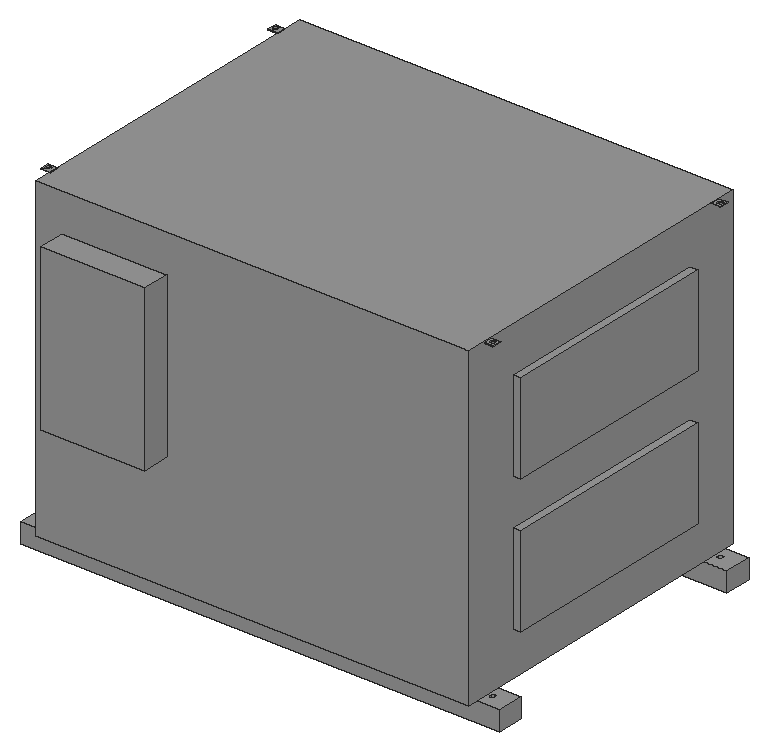
Revit family "H2800Xi-E2800Xi", category Mechanical Equipment, Revit 2014
Parameters (values of type "ECHO H2800Xi")
  Weight (lbs) = 850
  Voltage = 240 V
  URL = "www.systemair.com"
  Product Page URL = ""
  Product Documentation URL = ""
  Power Factor = 0.95
  Part Number = "95749"
  Part Description = "Commercial Heat Recovery Ventilator - Indoor Unit"
  Operational Temperature - Minimum = -13 °F
  Operational Temperature - Maximum = 104 °F
  Number of Poles = 2
  Model = "ECHO - H2800Xi"
  Manufacturer = "fantech"
  MOP = 20 A
  MCA = 14 A
  Load Classification = HVAC
  Flow - Drain Plug 2 [instance] = 0 GPM
  Flow - Drain Plug 1 [instance] = 0 GPM
  Current = 12.2 A
  Apparent Load = 2900 VA
  Design Supply Air Flow = 2800 CFM
  Actual Supply Air Flow [instance] = 0 CFM
  Actual Return Air Flow [instance] = 0 CFM
Types (3): name | Weight (lbs) | Part Number | Part Description | Model
  (no name) | 850 | "95749" | "Commercial Heat Recovery Ventilator - Indoor Unit" | "ECHO - H2800Xi"
  ECHO H2800Xi | 850 | "95749" | "Commercial Heat Recovery Ventilator - Indoor Unit" | "ECHO - H2800Xi"
  ECHO E2800Xi | 750 | "95750" | "Commercial Energy Recovery Ventilator - Indoor Unit" | "ECHO - E2800Xi"
Reference planes (in)
  plane 1 "Center (Front/Back)": y = 0
  plane 2: z = 0
  plane 3 "Center (Left/Right)": x = 0
Forms (in)
  Extrusion 1, solid, material "Steel, Galvanized - fantech - Beige"
    sketch origin (0, 0, 0) x (1, 0, 0) y (0, 1, 0)
      loop
        line (-33.15, 25.175) -> (-33.15, -25.175) -> (33.15, -25.175) -> (33.15, 25.175) -> (-33.15, 25.175)
    from 2.99 to 51.6
  Extrusion 2, solid, material "Steel, Galvanized - fantech - Beige", detail levels fine
    sketch origin (0, 0, 0) x (1, 0, 0) y (0, 1, 0)
      loop
        line (-36.71, 23.765) -> (-36.71, 19.735) -> (36.71, 19.735) -> (36.71, 23.765) -> (-36.71, 23.765)
      loop
        line (-36.71, -23.765) -> (36.71, -23.765) -> (36.71, -19.735) -> (-36.71, -19.735) -> (-36.71, -23.765)
    from 0 to 2.99
  Extrusion 3, solid, material "Steel, Galvanized - fantech - Beige", detail levels medium+fine
    sketch origin (33.15, -25.175, 0) x (-1, 0, 0) y (0, 0, -1)
      loop
        line (62.3, -45.77) -> (62.3, -20.75) -> (46.36, -20.75) -> (46.36, -45.77) -> (62.3, -45.77)
    from 0 to 4.17
  Extrusion 4, solid, material "Steel, Galvanized - fantech", detail levels medium+fine
    sketch origin (-33.15, -9.85994, 0) x (0, 1, 0) y (0, 0, -1)
      loop
        line (26.75494, -44.7) -> (26.75494, -30.86) -> (-7.04506, -30.86) -> (-7.04506, -44.7) -> (26.75494, -44.7)
      loop
        line (26.75494, -9.89) -> (-7.04506, -9.89) -> (-7.04506, -23.73) -> (26.75494, -23.73) -> (26.75494, -9.89)
    from 0 to 1.29
  Extrusion 5, solid, material "Steel, Galvanized - fantech", detail levels medium+fine
    sketch origin (33.15, -9.85994, 0) x (0, 1, 0) y (0, 0, 1)
      loop
        line (26.75494, 44.7) -> (-7.04506, 44.7) -> (-7.04506, 30.86) -> (26.75494, 30.86) -> (26.75494, 44.7)
      loop
        line (26.75494, 9.89) -> (26.75494, 23.73) -> (-7.04506, 23.73) -> (-7.04506, 9.89) -> (26.75494, 9.89)
    from 0 to 1.29
  Extrusion 6, solid, detail levels medium+fine
    sketch origin (0, 0, 2.99) x (0, 1, 0) y (1, 0, 0)
      loop
        circle (0, 3.96) r 0.75
      loop
        circle (0, 15.92) r 0.75
    from 1 to 0
  Extrusion 7, void, detail levels fine
    sketch origin (0, 0, 0) x (1, 0, 0) y (0, 1, 0)
      loop
        circle (-34.05, 21.745) r 0.375
      loop
        circle (-34.05, -21.745) r 0.375
      loop
        circle (34.05, 21.745) r 0.375
      loop
        circle (34.05, -21.745) r 0.375
    from 0 to 2.99
  Extrusion 8, solid, material "Steel, Galvanized - fantech - Beige", detail levels fine
    sketch origin (0, 0, 51.6) x (1, 0, 0) y (0, 1, 0)
      loop
        line (-33.15, 21.04) -> (-33.15, 22.45) -> (-34.645, 22.45) -> (-34.645, 21.04) -> (-33.15, 21.04)
      loop
        line (33.15, 21.04) -> (34.645, 21.04) -> (34.645, 22.45) -> (33.15, 22.45) -> (33.15, 21.04)
      loop
        line (-33.15, -21.04) -> (-34.645, -21.04) -> (-34.645, -22.45) -> (-33.15, -22.45) -> (-33.15, -21.04)
      loop
        line (33.15, -21.04) -> (33.15, -22.45) -> (34.645, -22.45) -> (34.645, -21.04) -> (33.15, -21.04)
    from -0.05 to 0
  Extrusion 9, void, detail levels fine
    sketch origin (0, 0, 51.6) x (0, 1, 0) y (1, 0, 0)
      loop
        circle (21.745, -34.05) r 0.375
      loop
        circle (21.745, 34.05) r 0.375
      loop
        circle (-21.745, -34.05) r 0.375
      loop
        circle (-21.745, 34.05) r 0.375
    from 0 to 0.05
Cuts and joins
  Extrusion 7 cuts Extrusion 2
  Extrusion 9 cuts Extrusion 8
Dimensions and locks (in)
  Extrusion 1 to Extrusion 1 = 66.30"  (x2)
  Extrusion 1 to Extrusion 1 = 50.35"  (x2)
  Extrusion 1 to Extrusion 1 = 48.61"
  Extrusion 1 to level = 51.60"
  level to Extrusion 1 = 2.99"
  Extrusion 2 to Extrusion 2 = 4.03"
  Extrusion 2 to Extrusion 1 = 1.41"
  Extrusion 2 to Extrusion 2 = 73.42"
  Extrusion 2 to Extrusion 1 = 3.56"  (x2)
  Extrusion 4 to Extrusion 5 = 68.88"
  Extrusion 1 to Extrusion 3 to Extrusion 3 = 5.83", 25.02"
  Extrusion 1 to Extrusion 3 to Extrusion 3 = 4.00", 15.94"
  Extrusion 1 to Extrusion 4 to Extrusion 4 to Extrusion 1 = 8.28", 33.80", 8.27"
  Extrusion 1 to Extrusion 4 to Extrusion 4 = 6.90", 13.84"  (x2)
  Extrusion 1 to cut or joined group of Extrusion 8, Extrusion 9 = 3.43"  (x2)
  cut or joined group of Extrusion 8, Extrusion 9 to cut or joined group of Extrusion 8, Extrusion 9 = 43.49"
  aligned and locked: level to plane 2
  aligned and locked: Extrusion 3 to Extrusion 1
  aligned and locked: Extrusion 4 to Extrusion 1
  aligned and locked: Extrusion 5 to Extrusion 1
  aligned and locked: Extrusion 7 to level
  aligned and locked: Extrusion 7 to Extrusion 1
  aligned and locked: Extrusion 9 to Extrusion 1
Connectors (in)
  hvac at (-34.44, -0.005, 37.78), driven by "Actual Supply Air Flow"
    settings: on Extrusion 4, index 1, duct flow 0 CFM, flow factor 0, pres drop 0.00 in-wg, loss coef 0, conn angle 0.00°, conn width 34", conn height 14", conn diameter 24", duct sys type 3, conn prof type 1, flow config 0, flow direction 1, loss method 0, conn ref index -1, conn util no, is conn primary yes, conn desc "Fresh Air from Outside"
  hvac at (-34.44, -0.005, 16.81), driven by "Actual Return Air Flow"
    settings: on Extrusion 4, index 2, duct flow 0 CFM, flow factor 0, pres drop 0.00 in-wg, loss coef 0, conn angle 0.00°, conn width 34", conn height 14", conn diameter 24", duct sys type 3, conn prof type 1, flow config 0, flow direction 2, loss method 0, conn ref index -1, conn util no, is conn primary no, conn desc "Stale Air to Outside"
  hvac at (34.44, -0.005, 37.78), driven by "Actual Return Air Flow"
    settings: on Extrusion 5, index 3, duct flow 0 CFM, flow factor 0, pres drop 0.00 in-wg, loss coef 0, conn angle 0.00°, conn width 34", conn height 14", conn diameter 24", duct sys type 2, conn prof type 1, flow config 0, flow direction 1, loss method 0, conn ref index -1, conn util no, is conn primary no, conn desc "Stale Air from Inside"
  hvac at (34.44, -0.005, 16.81), driven by "Actual Supply Air Flow"
    settings: on Extrusion 5, index 4, duct flow 0 CFM, flow factor 0, pres drop 0.00 in-wg, loss coef 0, conn angle 0.00°, conn width 34", conn height 14", conn diameter 24", duct sys type 1, conn prof type 1, flow config 0, flow direction 2, loss method 0, conn ref index -1, conn util no, is conn primary no, conn desc "Fresh Air to Inside"
  piping at (15.92, 0, 1.99), diameter 1.5, driven by "Flow - Drain Plug 2"
    settings: on Extrusion 6, index 6, connector inside diameter 24", connector length 0.00", flow factor 0, pipe flow 0 GPM, pressure drop 0.00 psi, fitting loss kfactor 0, connector angle 0.00°, fixture units 0, engagement length 0.00", angle of deflection 0.00°, flow configuration 1, flow direction 2, fitting loss method 0, system type 16, joint type 0, gender type 0, connector reference index -1, connector utility 0, adjustable connector yes, is connector primary yes, connector description "NPT Drain Plug 2"
  piping at (3.96, 0, 1.99), diameter 1.5, driven by "Flow - Drain Plug 1"
    settings: on Extrusion 6, index 7, connector inside diameter 24", connector length 0.00", flow factor 0, pipe flow 0 GPM, pressure drop 0.00 psi, fitting loss kfactor 0, connector angle 0.00°, fixture units 0, engagement length 0.00", angle of deflection 0.00°, flow configuration 1, flow direction 2, fitting loss method 0, system type 16, joint type 0, gender type 0, connector reference index -1, connector utility 0, adjustable connector yes, is connector primary no, connector description "NPT Drain Plug 1"
  electrical at (-21.18, -29.345, 33.26), driven by "Number of Poles", driven by "Load Classification", driven by "Voltage", driven by "Apparent Load", driven by "Power Factor"
    settings: on Extrusion 3, index 8, voltage 240 V, apparent load 2900 VA, apparent load phase1 0 VA, apparent load phase2 0 VA, apparent load phase3 0 VA, power factor 0.95, load classification "HVAC", number of poles 2, system type 30, power factor state 1, is connector primary yes, connector utility no, sub classification motor no, connector description ""
